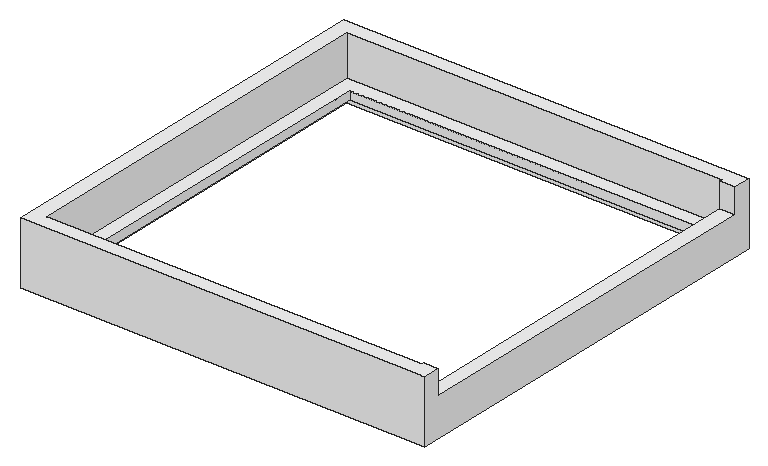
Revit family "Gira_028227", category Electrical Fixtures, host Face, Revit 2017
Family settings
  Host = Face
  Maintain Annotation Orientation = No
  Round Connector Dimension = Use Diameter
  Part Type = Normal
  Cut with Voids When Loaded = No
  Shared = No
  Room Calculation Point = No
Parameters (values of type "Adapterrahmen quadr. 50 x 50 mm System 55 Reinweiß m")
  URL = "http://katalog.gira.de/de_DE/datenblatt.html?artikelnr=028227"
  Region = "DE"
  RAL-Nummer (ähnlich) = "9010 "
  Name = "Adapterrahmen quadr. 50 x 50 mm System 55 Reinweiß m"
  Mit Textfeld = "No"
  Mit Klappdeckel = "No"
  Manufacturer URL = "https://www.gira.de/"
  Keynote = "Sys55_Adapterrahmen_50x50"
  HeinzeBIM = "https://bimportal.heinze.de/bim/adapterrahmen-quadr-50-x-50-mm-system-55-reinweiss-m/7fe2087b33653948efca3b6c794e63d48d0762bb"
  HAN = "028227"
  GTIN = "4010337282273"
  Farbe = "weiß"
  Default Elevation = 1219.2 mm
  Data sheet (1) = "https://katalog.gira.de/de_DE/download.html?artikelnr=028227"
  Category = "Übergangsadapter für Installationsschalterprogramme"
  Available = "Yes"
  Abschließbar = "No"
  Abmessungen = "quadratisch 50 mm / quadratisch 50 mm"
Reference planes
  plane 1 "Center (Front/Back)": y = 0
  plane 2: z = 0
  plane 3 "Center (Left/Right)": x = 0
  plane 4: y = 27.7
  plane 5: y = -27.7
  plane 6: x = 27.7
  plane 7: x = -27.7
  plane 8: y = -25.4
  plane 9: y = 25.4
Forms (mm)
  Extrusion 1, solid, material "White", detail levels fine
    sketch origin (0, 0, 0) x (1, 0, 0) y (0, 1, 0)
      loop
        line (-27.7, 27.7) -> (-27.7, -27.7) -> (27.7, -27.7) -> (27.7, 27.7) -> (-27.7, 27.7)
      loop
        line (-25.7, 25.7) -> (-25.7, -25.7) -> (25.7, -25.7) -> (25.7, 25.7) -> (-25.7, 25.7)
    from 0 to 8.6
  Extrusion 2, solid, material "White", detail levels fine
    sketch origin (0, 0, 0) x (1, 0, 0) y (0, 1, 0)
      loop
        line (-25.7, 25.7) -> (-25.7, -25.7) -> (25.7, -25.7) -> (25.7, 25.7) -> (-25.7, 25.7)
      loop
        line (-23.7, 23.7) -> (-23.7, -23.7) -> (23.7, -23.7) -> (23.7, 23.7) -> (-23.7, 23.7)
    from 1.9 to 3.1
  Extrusion 3, void, detail levels fine
    sketch origin (0, 0, 0) x (1, 0, 0) y (0, 1, 0)
      loop
        line (27.7, 25.4) -> (25.7, 25.4) -> (25.7, -25.4) -> (27.7, -25.4) -> (27.7, 25.4)
    from 5.2 to 10
  Extrusion 4, solid, material "White", detail levels coarse+medium
    sketch origin (0, 0, 0) x (1, 0, 0) y (0, 1, 0)
      loop
        line (-27.7, 27.7) -> (-27.7, -27.7) -> (27.7, -27.7) -> (27.7, 27.7) -> (-27.7, 27.7)
    from 0 to 8.6
Cuts and joins
  Extrusion 3 cuts Extrusion 1
  Extrusion 3 cuts Extrusion 2
Dimensions and locks
  aligned and locked: plane 2 to host face
  aligned and locked: level to host face
